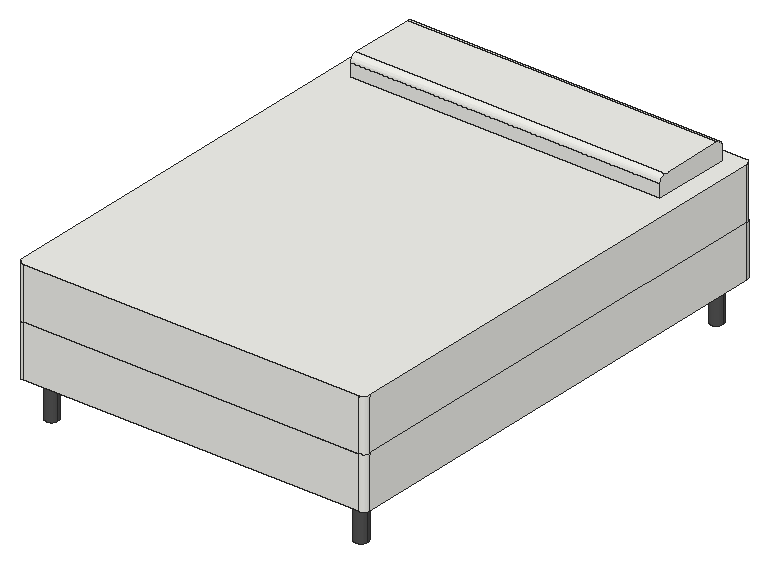
Revit family
Parameters (values of type "1372 x 1905mm - Double")
  Material Leg = Metal - Chrome
  Length = 1905.00 mm
  Material Mattress = Textile - White
  Width = 1372.00 mm
  Keynote = "N"
  Assembly Code = ""
Types (4, lengths in mm): name | Length | Width
  1372 x 1905mm - Double | 1905.00 | 1372.00
  0965 x 1905mm - Twin | 1905.00 | 965.00
  1525 x 2007mm - Queen | 2007.00 | 1525.00
  1981 x 2032mm - King | 2032.00 | 1981.00
Reference planes
  plane 1 "Center (Front/Back)": y = -45.595
  plane 2: z = 0
  plane 3 "Center (Left/Right)": x = 271.489
  plane 4: y = 906.905
  plane 5: y = -998.095
  plane 6: x = 957.489
  plane 7: x = -414.511
  plane 8: x = -338.311
  plane 9: x = 881.289
  plane 10: y = 830.705
  plane 11: y = -921.895
Forms (mm)
  Extrusion 1, solid, material "Textile - White"
    sketch origin (0, 0, 355.6) x (1, 0, 0) y (0, 1, 0)
      loop
        arc (-389.111, 906.905) -> (-407.072, 899.465) -> (-414.511, 881.505) r 25.4
        line (-414.511, 881.505) -> (-414.511, -972.695)
        arc (-414.511, -972.695) -> (-407.072, -990.656) -> (-389.111, -998.095) r 25.4
        line (-389.111, -998.095) -> (932.089, -998.095)
        arc (932.089, -998.095) -> (950.049, -990.656) -> (957.489, -972.695) r 25.4
        line (957.489, -972.695) -> (957.489, 881.505)
        arc (957.489, 881.505) -> (950.049, 899.465) -> (932.089, 906.905) r 25.4
        line (932.089, 906.905) -> (-389.111, 906.905)
    from 0 to 203.2
  Extrusion 2, solid, material "Metal - Chrome"
    sketch origin (0, 0, 0) x (1, 0, 0) y (0, 1, 0)
      loop
        circle (-338.311, 830.705) r 25.4
      loop
        circle (881.289, 830.705) r 25.4
      loop
        circle (881.289, -921.895) r 25.4
      loop
        circle (-338.311, -921.895) r 25.4
    from 0 to 152.4
  Extrusion 3, solid, material "Textile - White"
    sketch origin (957.489, 0, 0) x (0, -1, 0) y (0, 0, 1)
      loop
        line (-856.105, 558.8) -> (-551.305, 558.8) -> (-551.305, 609.6)
        arc (-551.305, 609.6) -> (-558.744, 627.561) -> (-576.705, 635) r 25.4
        line (-576.705, 635) -> (-830.705, 635)
        arc (-830.705, 635) -> (-848.665, 627.561) -> (-856.105, 609.6) r 25.4
        line (-856.105, 609.6) -> (-856.105, 558.8)
    from 76.2 to 1295.8
  Extrusion 4, solid, material "Textile - White"
    sketch origin (0, 0, 0) x (1, 0, 0) y (0, 1, 0)
      loop
        line (-414.511, 881.505) -> (-414.511, -972.695)
        arc (-414.511, -972.695) -> (-407.072, -990.656) -> (-389.111, -998.095) r 25.4
        line (-389.111, -998.095) -> (932.089, -998.095)
        arc (932.089, -998.095) -> (950.049, -990.656) -> (957.489, -972.695) r 25.4
        line (957.489, -972.695) -> (957.489, 881.505)
        arc (957.489, 881.505) -> (950.049, 899.465) -> (932.089, 906.905) r 25.4
        line (932.089, 906.905) -> (-389.111, 906.905)
        arc (-389.111, 906.905) -> (-407.072, 899.465) -> (-414.511, 881.505) r 25.4
    from 152.4 to 355.6
Lines and regions (mm)
  Masking region 1
    outline origin (0, 0, 0) x (1, 0, 0) y (0, 1, 0)
      loop
        line (-414.511, 906.905) -> (-414.511, -998.095) -> (957.489, -998.095) -> (957.489, 906.905) -> (-414.511, 906.905)
  symbolic lines
    curve 1: line (-414.511, 906.905, 0) -> (957.489, 906.905, 0)
    curve 2: line (-414.511, 906.905, 0) -> (-414.511, -998.095, 0)
    curve 3: line (-414.511, -998.095, 0) -> (957.489, -998.095, 0)
    curve 4: line (957.489, 906.905, 0) -> (957.489, -998.095, 0)
    curve 5: line (-338.311, 856.105, 0) -> (881.289, 856.105, 0)
    curve 6: line (-338.311, 856.105, 0) -> (-338.311, 551.305, 0)
    curve 7: line (-338.311, 551.305, 0) -> (881.289, 551.305, 0)
    curve 8: line (881.289, 856.105, 0) -> (881.289, 551.305, 0)
    curve 9: line (957.489, 538.605, 0) -> (-414.511, 320.683, 0)
Dimensions and locks
  equal spacing: plane 7, plane 3 "Center (Left/Right)", plane 6
  equal spacing: plane 5, plane 1 "Center (Front/Back)", plane 4
  "Width": plane 7 to plane 6
  "Length": plane 5 to plane 4
  locked: plane 10 to plane 4 at 76.2
  locked: plane 5 to plane 11 at 76.2
  locked: plane 7 to plane 8 at 76.2
  locked: plane 9 to plane 6 at 76.2
  locked: plane 7 to Extrusion 3 at 76.2
  locked: Extrusion 3 to plane 6 at 76.2
  radius of Extrusion 1 sketch curve = 25.40 mm  (x4)
  aligned and locked: Extrusion 1 sketch curve to plane 5
  aligned and locked: Extrusion 1 sketch curve to plane 7
  aligned and locked: plane 6 to Extrusion 1 sketch curve
  aligned and locked: plane 4 to Extrusion 1 sketch curve
  aligned and locked: curve 7 to Extrusion 3
Automatic sketch dimensions
  Extrusion 2 sketch curve to plane 11 = 0.00 mm  (x2)
  Extrusion 2 sketch curve to plane 8 = 0.00 mm  (x2)
  Extrusion 2 sketch curve to plane 10 = 0.00 mm  (x2)
  Extrusion 2 sketch curve to plane 9 = 0.00 mm  (x2)
  Extrusion 2 sketch curve to Extrusion 2 sketch curve = 25.40 mm  (x2)
  Extrusion 2 sketch curve to plane 7 = 50.80 mm
  plane 9 to Extrusion 2 sketch curve = 25.40 mm
  Extrusion 4 sketch curve to plane 7 = 0.00 mm
  Extrusion 4 sketch curve to plane 4 = 0.00 mm
  Extrusion 4 sketch curve to plane 5 = 0.00 mm
  Extrusion 4 sketch curve to plane 6 = 0.00 mm
  Extrusion 4 sketch curve to plane 7 = 25.40 mm  (x2)
  plane 6 to Extrusion 4 sketch curve = 25.40 mm
  plane 4 to Extrusion 4 sketch curve = 25.40 mm
  plane 4 to Extrusion 3 sketch curve = 50.80 mm
  Extrusion 3 sketch curve to Extrusion 3 sketch curve = 25.40 mm  (x2)
  Extrusion 3 sketch curve to Extrusion 3 sketch curve = 50.80 mm
  Extrusion 3 sketch curve to Extrusion 3 sketch curve = 254.00 mm
  level to Extrusion 3 sketch curve = 558.80 mm
  curve 3 to plane 5 = 0.00 mm
  curve 3 to plane 7 = 0.00 mm
  curve 3 to plane 6 = 0.00 mm
  curve 4 to plane 4 = 0.00 mm
  curve 6 to plane 7 = 76.20 mm
  curve 5 to curve 1 = 76.20 mm
  curve 9 to curve 7 = 230.622 mm
  curve 9 to curve 7 = 12.70 mm
  plane 4 to curve 6 = 50.80 mm
  Masking region 1 sketch curve to plane 5 = 0.00 mm
  Masking region 1 sketch curve to plane 7 = 0.00 mm
  Masking region 1 sketch curve to plane 6 = 0.00 mm
  Masking region 1 sketch curve to plane 4 = 0.00 mm
